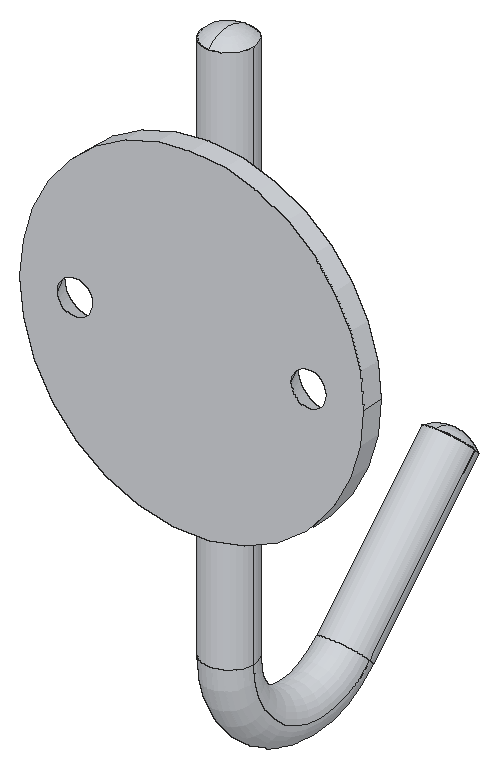
Revit family "rba-bim-rba1622-122", category Plumbing Fixtures, Revit 2018
Family settings
  Round Connector Dimension = Use Diameter
  Part Type = Normal
  Work Plane-Based = No
  Always vertical = No
  Cut with Voids When Loaded = No
  Shared = No
  Room Calculation Point = No
Parameters (values of type "RBA1622-122")
  Watermarked By = "www.rba.com.au"
  URL = "http://www.rba.com.au/accessible-disabled/grab-rails"
  Phone Number = "1300 788 778"
  OFFSET [instance] = 800 mm
  Modified Issue = "20200407.01"
  Model = "RBA1622-122"
  Materials and Finishes = Stainless Steel Satin Finish
  Manufacturer = "RBA Group"
  Diameter = 32 mm
  Description = "Health Equipment Hook"
  Copyright by = "RBA Group"
Reference planes
  plane 1 "Center (Front/Back)": y = 0
  plane 2: z = 0
  plane 3 "Center (Left/Right)": x = 0
  plane 4: z = 37.25
  plane 5: z = -57.75
  plane 6: x = -16.5
  plane 7: x = 16.5
Forms (mm)
  Extrusion 1, solid
    sketch origin (0, -10, 0) x (1, 0, 0) y (0, 0, -1)
      loop
        circle (0, 0) r 24.25
    from 7 to 10
  Sweep 2, solid
    path origin (0, 0, 2.5) x (0, 1, 0) y (0, 0, 1)
      loop
        line (3.5, 33.321) -> (3.5, -44.75)
        arc (3.5, -44.75) -> (10.908, -55.837) -> (23.985, -53.235) r 12
        line (23.985, -53.235) -> (42.525, -34.695)
    profile origin (0, 3.5, -3.215) x (1, 0, 0) y (0, 1, 0)
      loop
        circle (0, 0) r 3.5
  Revolve 3, solid
    sketch origin (0, 0, 0) x (0, 1, 0) y (0, 0, 1)
      loop
        line (3.5, 35.821) -> (3.5, 37.25)
        arc (3.5, 37.25) -> (1.61, 36.879) -> (0, 35.821) r 5
        line (0, 35.821) -> (3.5, 35.821)
      axis (3.5, 35.821) -> (3.5, 37.25)
    angle from 0 to 360
  Revolve 4, solid
    sketch origin (0, 14.721, -55.05) x (0, 0.707107, -0.707107) y (0, 0.707107, 0.707107)
      loop
        line (3.5, 35.821) -> (3.5, 37.25)
        arc (3.5, 37.25) -> (1.61, 36.879) -> (0, 35.821) r 5
        line (0, 35.821) -> (3.5, 35.821)
      axis (3.5, 35.821) -> (3.5, 37.25)
    angle from 0 to 360
  Blend 5, void
    base sketch origin (0, 0, 0) x (1, 0, 0) y (0, 0, 1)
      loop
        circle (16.5, 0) r 2.5
    top sketch origin (0, 0, 0) x (1, 0, 0) y (0, 0, 1)
      loop
        circle (16.5, 0) r 4
    from 3 to 0
  Blend 6, void
    base sketch origin (0, 0, 0) x (-1, 0, 0) y (0, 0, -1)
      loop
        circle (16.5, 0) r 2.5
    top sketch origin (0, 0, 0) x (-1, 0, 0) y (0, 0, -1)
      loop
        circle (16.5, 0) r 4
    from 3 to 0
Cuts and joins
  Blend 5, Blend 6 cuts Extrusion 1
Dimensions and locks
  aligned and locked: level to plane 2
